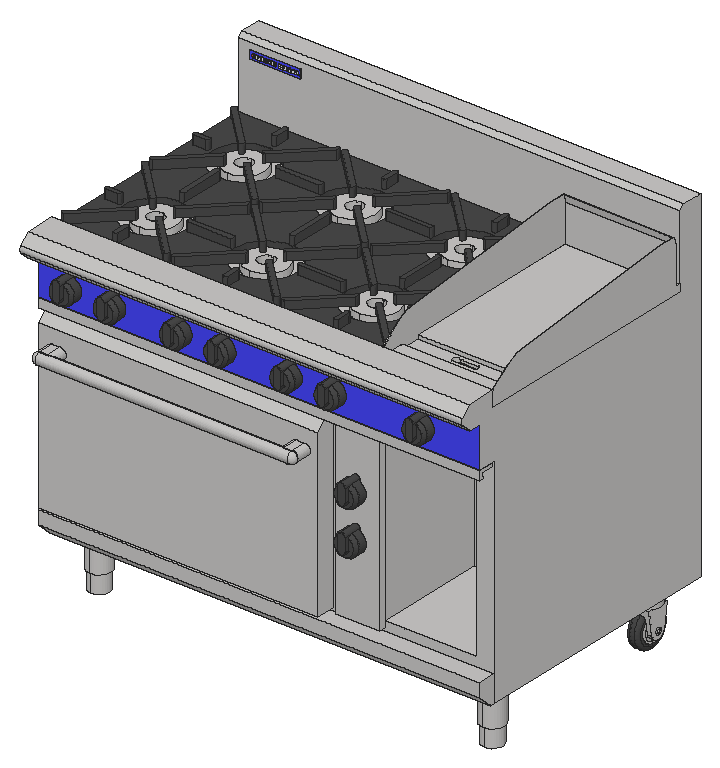
Revit family "QF_MOFFAT_BLUESEAL_CE_GE508C", category Specialty Equipment, Revit 2012 (continued)
Definition of nested family "GAS GRIDDLE PLATE 300"
  Automatic sketch dimensions
    plane 1 "BACK" to Extrusion 2 sketch curve = 47.237 mm
    plane 1 "BACK" to Extrusion 2 sketch curve = 5.225 mm
    Extrusion 2 sketch curve to plane 1 "BACK" = 0.003 mm
    level to Extrusion 2 sketch curve = 0.5 mm
    Extrusion 2 sketch curve to Extrusion 2 sketch curve = 42 mm
    Extrusion 2 sketch curve to plane 6 "TOP" = 63.101 mm
    Extrusion 2 sketch curve to plane 6 "TOP" = 19.511 mm
    Extrusion 3 sketch curve to plane 5 "FRONT" = 0 mm
    Extrusion 3 sketch curve to plane 12 = 0 mm
    Extrusion 3 sketch curve to plane 11 = 0 mm
    Extrusion 3 sketch curve to plane 1 "BACK" = 15.003 mm
    level to Extrusion 3 sketch curve = 0.5 mm
    level to Extrusion 3 sketch curve = 10 mm
    Extrusion 3 sketch curve to Extrusion 3 sketch curve = 10.5 mm  (x2)
    plane 11 to Extrusion 4 sketch curve = 10.75 mm
    Extrusion 4 sketch curve to Extrusion 4 sketch curve = 10 mm
    Extrusion 4 sketch curve to plane 7 "Center Y" = 25 mm
    plane 1 "BACK" to Extrusion 5 sketch curve = 5.225 mm
    Extrusion 5 sketch curve to plane 1 "BACK" = 0.003 mm
    Extrusion 5 sketch curve to plane 6 "TOP" = 19.511 mm
    Extrusion 5 sketch curve to Extrusion 5 sketch curve = 1.6 mm
    Extrusion 5 sketch curve to Extrusion 5 sketch curve = 0.211 mm
    Extrusion 5 sketch curve to plane 6 "TOP" = 0 mm
    Extrusion 5 sketch curve to Extrusion 5 sketch curve = 1.656 mm
    level to Extrusion 5 sketch curve = 0.5 mm
    curve 6 to plane 3 "LEFT" = 0 mm
    curve 4 to plane 4 "RIGHT" = 0 mm
    plane 5 "FRONT" to curve 6 = 0 mm
    plane 11 to curve 8 = 10.75 mm
    curve 8 to plane 7 "Center Y" = 25 mm
    plane 7 "Center Y" to curve 7 = 25 mm
    curve 10 to curve 7 = 20 mm
    plane 1 "BACK" to curve 3 = 1.68 mm
